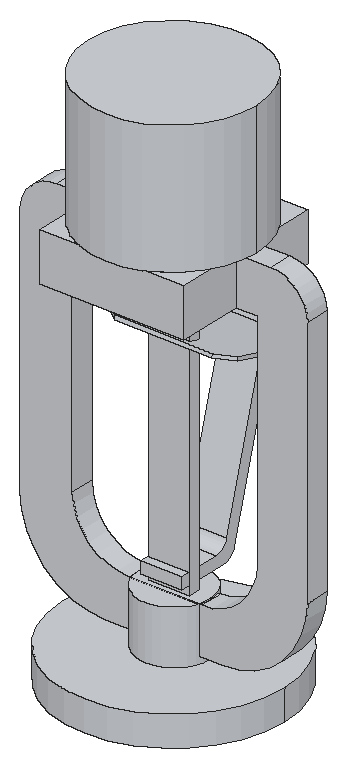
Revit family
Parameters (values of type "RASCO GFR PENDENT")
  Temperature Rating = 165 °F
  Response = 1
  RASCO SIN # = "R3115"
  RASCO Part # = "GFRPB"
  Pressure Rating = "175 PSI"
  Pressure Class = (empty or 0)
  Orifice Size = 1/2"
  Orifice = (empty or 0)
  Model = "GFR"
  Manufacturer = "RASCO"
  K-Factor = 8
  Description = "Bronze Finish"
  Coverage = (empty or 0)
Reference planes (in)
  plane 1 "Center (Front/Back)": y = 0
  plane 2: z = 0
  plane 3 "Center (Left/Right)": x = 0
Dimensions and locks (in)
  aligned and locked: plane 2 to level
Nested families (in)
  nested 1: "GFRPB" at (-0.0055, 0, 2.875) x (-1, 0, 0) z (0, 0, -1), type "RASCO GFR PENDENT"
Connectors (in)
  piping at (-0.0055, 0, 2.875)
    settings: on nested 1, index 1, connector radius 0.45", flow factor 0, pipe flow 0 GPM, pressure drop 0.00 psi, fitting loss kfactor 0, connector angle 0.00°, fixture units 0, flow configuration 0, flow direction 0, fitting loss method 0, system type 7, connector reference index -1, connector utility 0, adjustable connector no, is connector primary yes, fitting loss table "", connector description ""
Definition of nested family "GFRPB"
  Parameters (values of type "RASCO GFR PENDENT")
    Type Comments = ""
    Temperature Rating = 0 °F
    Response = (empty or 0)
    Pressure Rating = "0"
    Pressure Class = (empty or 0)
    Orifice Size = 0"
    Orifice = (empty or 0)
    Model = ""
    Manufacturer = ""
    K-Factor = 0
    Description = ""
    Coverage = (empty or 0)
    Assembly Code = ""
  Reference planes (in)
    plane 1 "Center (Front/Back)": y = 0
    plane 2: z = 0
    plane 3 "ref.2": z = 0.6875
    plane 4 "ref.3": z = 0.9375
    plane 5: x = -0.38065
    plane 6: x = 0.36935
    plane 7 "ref. side 1": y = 0.06402
    plane 8 "ref. side 2": y = -0.06098
    plane 9 "ref.4": z = 1.875
    plane 10 "ref.5": z = 2.875
    plane 11 "center": x = -0.00574
    plane 12 "clip": through (0, 0.52703, 1.36085) normal (0, 0.2756, -0.9613)
    plane 13 "head": z = 2.83335
  Forms (in)
    Extrusion 1, solid
      sketch origin (0, 0, 0) x (1, 0, 0) y (0, 1, 0)
        loop
          circle (0, 0) r 0.438
      from 0 to 0.6875
    Extrusion 2, solid
      sketch origin (-0.12185, 0.05177, 0.6875) x (1, 0, 0) y (0, 1, 0)
        loop
          line (-0.2588, 0.356) -> (-0.2588, -0.4565) -> (0.4912, -0.4565) -> (0.4912, 0.356) -> (-0.2588, 0.356)
      from 0 to 0.25
    Extrusion 3, solid
      sketch origin (0, 0, 0) x (1, 0, 0) y (0, 0, 1)
        loop
          line (-0.49248, 0.9375) -> (-0.49248, 2.10276)
          arc (-0.49248, 2.10276) -> (-0.40724, 2.30855) -> (-0.20145, 2.39379) r 0.29103
          line (-0.20145, 2.39379) -> (0.18108, 2.39379)
          arc (0.18108, 2.39379) -> (0.38905, 2.30765) -> (0.47519, 2.09969) r 0.29411
          line (0.47519, 2.09969) -> (0.47519, 0.9375) -> (0.36935, 0.9375) -> (0.36935, 0.6875) -> (0.55741, 0.6875)
          arc (0.55741, 0.6875) -> (0.69165, 0.7431) -> (0.74725, 0.87734) r 0.18984
          line (0.74725, 0.87734) -> (0.74725, 2.19113)
          arc (0.74725, 2.19113) -> (0.61669, 2.50631) -> (0.3015, 2.63687) r 0.44574
          line (0.3015, 2.63687) -> (-0.30719, 2.63687)
          arc (-0.30719, 2.63687) -> (-0.62225, 2.50637) -> (-0.75275, 2.19131) r 0.44556
          line (-0.75275, 2.19131) -> (-0.75275, 0.87876)
          arc (-0.75275, 0.87876) -> (-0.69673, 0.74352) -> (-0.56149, 0.6875) r 0.19126
          line (-0.56149, 0.6875) -> (-0.38065, 0.6875) -> (-0.38065, 0.9375) -> (-0.49248, 0.9375)
      from -0.06402 to 0.06098
    Extrusion 4, solid
      sketch origin (-0.00199, 0, 2.4375) x (-1, 0, 0) y (0, -1, 0)
        loop
          circle (0.00574, -0.00152) r 0.1875
      from -0.04371 to 0.4375
    Extrusion 5, solid
      sketch origin (0, 0, 0.9375) x (-1, 0, 0) y (0, -1, 0)
        loop
          line (-0.10175, -0.02852) -> (0.11324, -0.02852) -> (0.11324, 0.03101) -> (-0.10175, 0.03101) -> (-0.10175, -0.02852)
      from 0 to 1.45629
    Extrusion 6, solid
      sketch origin (-0.00574, 0, 0) x (0, 0, -1) y (0, -1, 0)
        loop
          line (-2.34418, 0.08154) -> (-2.34418, -0.18975)
          arc (-2.34418, -0.18975) -> (-2.3294, -0.23392) -> (-2.29102, -0.2603) r 0.07339
          line (-2.29102, -0.2603) -> (-1.29471, -0.54599) -> (-1.27823, -0.48852) -> (-2.23088, -0.21535)
          arc (-2.23088, -0.21535) -> (-2.26901, -0.18915) -> (-2.28369, -0.14527) r 0.07291
          line (-2.28369, -0.14527) -> (-2.28369, 0.08154) -> (-2.34418, 0.08154)
      from -0.1075 to 0.1075
    Extrusion 7, solid
      sketch origin (0, -0.32053, 1.11781) x (0, 0.961262, 0.275637) y (1, 0, 0)
        loop
          line (0.84059, -0.34079) -> (0.916, -0.26539) -> (0.916, 0.24563) -> (0.84145, 0.32018) -> (0.33718, 0.32018) -> (0.26218, 0.24518) -> (0.26218, -0.26617) -> (0.3368, -0.34079) -> (0.84059, -0.34079)
      from -0.01906 to 0
    Extrusion 8, solid
      sketch origin (0, 0, 2.83335) x (-1, 0, 0) y (0, -1, 0)
        loop
          circle (0.00574, 0) r 0.57975
      from 0 to -0.159
  Cuts and joins
    joined: Extrusion 1, Extrusion 2
